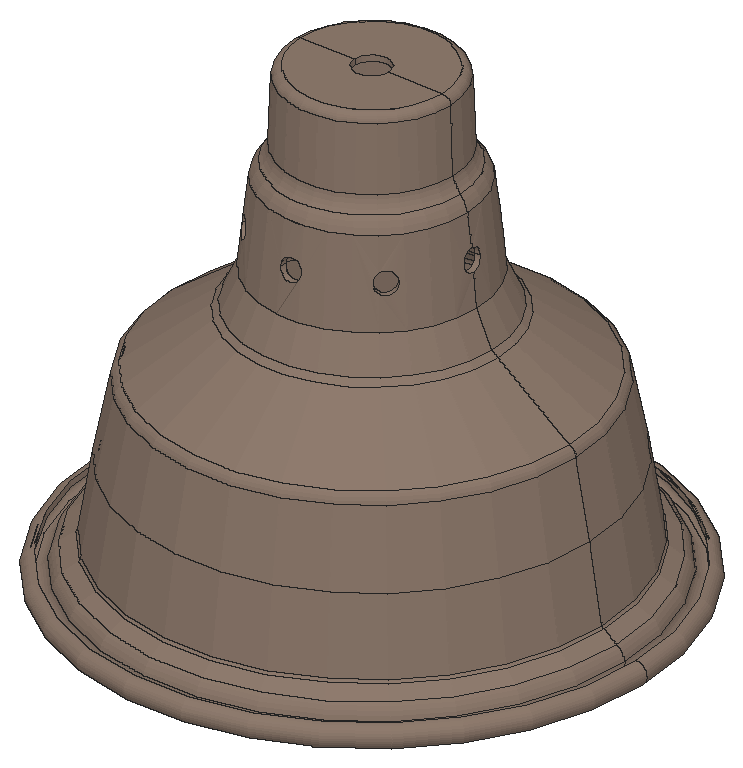
Revit family "VW508", category Generic Models, Revit 2017
Family settings
  Can host rebar = No
  Round Connector Dimension = Use Diameter
  Part Type = Normal
  Work Plane-Based = No
  Always vertical = Yes
  Cut with Voids When Loaded = No
  Shared = No
  Room Calculation Point = No
Parameters
  VW508 = ARCH. BRNZ.
Reference planes (in)
  plane 1 "Center (Front/Back)": y = 0
  plane 2: z = 0
  plane 3 "Center (Left/Right)": x = 0
Forms (in)
  Revolve 1, solid, material "ARCH. BRNZ." <- "VW508"
    sketch origin (0, 0, 0) x (1, 0, 0) y (0, 0, 1)
      loop
        line (17.39898, 13.52898) -> (18.19336, 13.52898) -> (18.19336, 13.60898) -> (17.39383, 13.60898)
        arc (17.39383, 13.60898) -> (17.31389, 13.57085) -> (17.27575, 13.49091) r 0.13269
        line (17.27575, 13.49091) -> (17.2364, 12.57259)
        arc (17.2364, 12.57259) -> (17.20268, 12.45525) -> (17.13145, 12.3561) r 0.35752
        arc (17.13145, 12.3561) -> (17.06132, 12.26088) -> (17.0134, 12.15276) r 0.54446
        line (17.0134, 12.15276) -> (16.88218, 10.93269) -> (16.65918, 10.46041) -> (16.58047, 10.38169) -> (15.50468, 9.60765)
        arc (15.50468, 9.60765) -> (15.44365, 9.54513) -> (15.41286, 9.46337) r 0.21296
        line (15.41286, 9.46337) -> (15.20297, 8.41383) -> (15.03239, 7.36429)
        arc (15.03239, 7.36429) -> (15.02087, 7.34356) -> (15.00618, 7.32494) r 0.14768
        line (15.00618, 7.32494) -> (14.8094, 7.19376)
        arc (14.8094, 7.19376) -> (14.73194, 7.10642) -> (14.69132, 6.99697) r 0.31718
        arc (14.69132, 6.99697) -> (14.63622, 6.88556) -> (14.52075, 6.83954) r 0.17361
        arc (14.52075, 6.83954) -> (14.444, 6.91826) -> (14.52075, 6.99697) r 0.07874
        line (14.52075, 6.99697) -> (14.52075, 7.07698)
        arc (14.52075, 7.07698) -> (14.364, 6.91844) -> (14.52039, 6.75954) r 0.15874
        arc (14.52039, 6.75954) -> (14.68863, 6.82508) -> (14.77062, 6.98595) r 0.25361
        arc (14.77062, 6.98595) -> (14.80051, 7.06521) -> (14.85635, 7.12891) r 0.23718
        line (14.85635, 7.12891) -> (15.05056, 7.25837)
        arc (15.05056, 7.25837) -> (15.08804, 7.30029) -> (15.11136, 7.35146) r 0.18683
        line (15.11136, 7.35146) -> (15.28193, 8.401) -> (15.49131, 9.44768)
        arc (15.49131, 9.44768) -> (15.5109, 9.50181) -> (15.5514, 9.54272) r 0.13398
        line (15.5514, 9.54272) -> (16.62719, 10.31675) -> (16.73153, 10.42625) -> (16.96172, 10.92414) -> (17.09204, 12.13586)
        arc (17.09204, 12.13586) -> (17.13199, 12.22326) -> (17.18907, 12.30056) r 0.46446
        arc (17.18907, 12.30056) -> (17.27627, 12.4237) -> (17.31632, 12.56916) r 0.43638
        line (17.31632, 12.56916) -> (17.35555, 13.48444)
        arc (17.35555, 13.48444) -> (17.36999, 13.5138) -> (17.39898, 13.52898) r 0.05269
      axis (18.44336, 6.75954) -> (18.44336, 13.60898)
    angle from 0 to 360
  Extrusion 2, void
    sketch origin (0, 0, 0) x (1, 0, 0) y (0, 0, 1)
      loop
        circle (18.44336, 11.54929) r 0.15742
    from 1.37732 to 1.5245
  Extrusion 3, void
    sketch origin (0, 0, 0) x (1, 0, 0) y (0, 0, -1)
      loop
        circle (18.44336, -11.54929) r 0.15742
    from 1.37732 to 1.5245
  Extrusion 4, void
    sketch origin (5.40194, -13.04143, 0) x (0.707107, 0.707107, 0) y (0, 0, 1)
      loop
        circle (18.44336, 11.54929) r 0.15742
    from 1.37732 to 1.5245
  Extrusion 5, void
    sketch origin (5.40194, -13.04143, 0) x (0.707107, 0.707107, 0) y (0, 0, -1)
      loop
        circle (18.44336, -11.54929) r 0.15742
    from 1.37732 to 1.5245
  Extrusion 6, void
    sketch origin (5.40194, 13.04143, 0) x (0.707107, -0.707107, 0) y (0, 0, 1)
      loop
        circle (18.44336, 11.54929) r 0.15742
    from 1.37732 to 1.5245
  Extrusion 7, void
    sketch origin (5.40194, 13.04143, 0) x (0.707107, -0.707107, 0) y (0, 0, -1)
      loop
        circle (18.44336, -11.54929) r 0.15742
    from 1.37732 to 1.5245
  Extrusion 8, void
    sketch origin (18.44336, 18.44336, 0) x (0, -1, 0) y (0, 0, 1)
      loop
        circle (18.44336, 11.54929) r 0.15742
    from 1.37732 to 1.5245
  Extrusion 9, void
    sketch origin (18.44336, 18.44336, 0) x (0, -1, 0) y (0, 0, -1)
      loop
        circle (18.44336, -11.54929) r 0.15742
    from 1.37732 to 1.5245
Cuts and joins
  Extrusion 2, Extrusion 3, Extrusion 4, Extrusion 5, Extrusion 6, Extrusion 7, Extrusion 8, Extrusion 9 cuts Revolve 1
Dimensions and locks (in)
  aligned and locked: plane 2 to level
